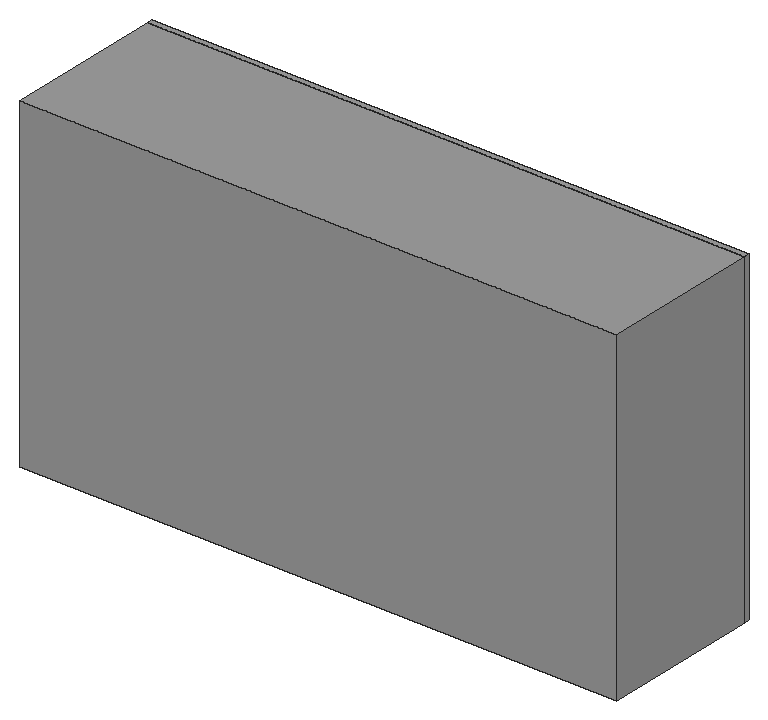
Revit family "Kubus M LED 1-s Sentr (skrått 45 grader ned mot høyre_veggmontasje)", category Lighting Fixtures, Revit 2013
Parameters (values of type "23m")
  Width = 70 mm
  Wattage Comments = "17 W"
  Wattage = 9.2903 W
  built-in parameter 1150110 = 1 (stored number, unit not read)
  Voltage = 230 V
  URL = ""
  built-in parameter 1114217 = 1 (stored number, unit not read)
  Tilt Angle = 90.00°
  built-in parameter 1150109 = 1 (stored number, unit not read)
  built-in parameter 1150134 = 3
  Symbol Positive Direction [instance] = yes
  Symbol Offset Side [instance] = 0 mm
  Symbol Offset Out [instance] = 0 mm
  built-in parameter 1150113 = 1 (stored number, unit not read)
  Reference Line Out [instance] = 50 mm
  Photometric Web File = "20x42A12.ies"
  Number of Poles = 1
  built-in parameter 1150105 = 109.82 (stored number, unit not read)
  Lumens = 1380 lm
  built-in parameter 1150115 = 1 (stored number, unit not read)
  Load Classification [instance] = Other
  Model = ""
  Manufacturer = ""
  built-in parameter 1150137 = (empty or 0)
  built-in parameter 1150139 = (empty or 0)
  Length 1 = Length - 30 mm  # 225 mm
  Length = 255 mm
  built-in parameter 1150112 = 1 (stored number, unit not read)
  built-in parameter 1150114 = 1 (stored number, unit not read)
  Lamp = "1"
  built-in parameter 1150132 = (empty or 0)
  built-in parameter 1150102 = (empty or 0)
  built-in parameter 1150107 = 3200 (stored number, unit not read)
  built-in parameter 1150138 = (empty or 0)
  built-in parameter 1150106 = 1.0982 (stored number, unit not read)
  Height 1 = Height - 30 mm  # 110 mm
  Height = 140 mm
  Emit from Rectangle Width = Height  # 140 mm
  Emit from Rectangle Length = Length  # 255 mm
  Emit Shape Visible in Rendering = no
  built-in parameter 1150104 = 13.8 (stored number, unit not read)
  Dimming Lamp Color Temperature Shift = <None>
  Description = ""
  Color Filter = 16777215
  Body Material and Colour = Default
  built-in parameter 1114218 = 1 (stored number, unit not read)
  built-in parameter 1150133 = 10 (stored number, unit not read)
  Assembly Code = ""
  Apparent Load = 17 VA
  60m = no
  35m = no
  23m = yes
Types (3, lengths in mm): name | Reference Line Out | Length 1 | Length | Height 1 | Height | Emit from Rectangle Width | Emit from Rectangle Length | 60m | 35m | 23m
  23m | 50 | 225 | 255 | 110 | 140 | 140 | 255 | no | no | yes
  35m | 291.501 | 346 | 376 | 170 | 200 | 200 | 376 | no | yes | no
  60m | 50 | 575 | 605 | 285 | 315 | 315 | 605 | yes | no | no
Reference planes
  plane 1 "Light Source Axis (F/B)": y = 119.961
  plane 2 "Top": z = 83
  plane 3 "Light Source Axis (L/R)": x = 0
  plane 4 "Level": z = 0
  plane 5 "Bottom": z = -140
  plane 6: x = -127.5
  plane 7: x = 127.5
  plane 8: y = 187.961
  plane 9: y = 189.961
  plane 10: z = -15
  plane 11: x = -112.5
  plane 12: x = 112.5
  plane 13: z = -70
  plane 14: z = -125
Forms (mm)
  Extrusion 1, solid, material "Default" <- "Body Material and Colour"
    sketch origin (0, 119.961, 0) x (1, 0, 0) y (0, 0, 1)
      loop
        line (-127.5, 0) -> (-127.5, -140) -> (127.5, -140) -> (127.5, 0) -> (-127.5, 0)
    from 0 to -68
  Extrusion 2, solid, material "Default" <- "Body Material and Colour"
    sketch origin (0, 119.961, 0) x (1, 0, 0) y (0, 0, 1)
      loop
        line (-127.5, 0) -> (-127.5, -140) -> (127.5, -140) -> (127.5, 0) -> (-127.5, 0)
      loop
        line (-112.5, -15) -> (-112.5, -125) -> (112.5, -125) -> (112.5, -15) -> (-112.5, -15)
    from -70 to -68
Lines and regions (mm)
  model lines, style "InvisibleLines"
    curve 1: line (0, 119.961, 0) -> (0, 169.961, 0)
Dimensions and locks
  equal spacing: plane 6, plane 3 "Light Source Axis (L/R)", plane 7
  "Length": plane 6 to plane 7
  plane 8 to plane 1 "Light Source Axis (F/B)" = 68 mm
  locked: plane 9 to plane 8 at 2
  equal spacing: plane 4 "Level", plane 13, plane 5 "Bottom"
  "Height": plane 4 "Level" to plane 5 "Bottom"
  equal spacing: plane 11, plane 3 "Light Source Axis (L/R)", plane 12
  "Length 1": plane 11 to plane 12
  equal spacing: plane 10, plane 13, plane 14
  "Height 1": plane 10 to plane 14
  "Width": plane 1 "Light Source Axis (F/B)" to plane 9
  "Reference Line Out": plane 1 "Light Source Axis (F/B)" to curve 1
  aligned and locked: plane 4 "Level" to level
  aligned and locked: plane 8 to nested 2
  aligned and locked: nested 2 to plane 13
  aligned and locked: plane 3 "Light Source Axis (L/R)" to nested 3
  aligned and locked: plane 1 "Light Source Axis (F/B)" to nested 3
  aligned and locked: plane 8 to nested 1
  aligned and locked: plane 4 "Level" to Extrusion 1 sketch curve
  aligned and locked: plane 6 to Extrusion 1 sketch curve
  aligned and locked: plane 5 "Bottom" to Extrusion 1 sketch curve
  aligned and locked: Extrusion 1 sketch curve to plane 7
  aligned and locked: Extrusion 1 to plane 8
  aligned and locked: plane 1 "Light Source Axis (F/B)" to Extrusion 1
  aligned and locked: plane 4 "Level" to Extrusion 2 sketch curve
  aligned and locked: Extrusion 2 sketch curve to plane 7
  aligned and locked: plane 5 "Bottom" to Extrusion 2 sketch curve
  aligned and locked: plane 6 to Extrusion 2 sketch curve
  aligned and locked: Extrusion 2 sketch curve to plane 10
  aligned and locked: plane 11 to Extrusion 2 sketch curve
  aligned and locked: plane 14 to Extrusion 2 sketch curve
  aligned and locked: Extrusion 2 sketch curve to plane 12
  aligned and locked: plane 8 to Extrusion 2
  aligned and locked: Extrusion 2 to plane 9
  aligned and locked: nested 1 to plane 13
  aligned and locked: plane 13 to nested 4
  aligned and locked: plane 3 "Light Source Axis (L/R)" to nested 4
  aligned and locked: plane 8 to nested 4
  aligned and locked: imposter light to plane 9
  aligned and locked: plane 13 to imposter light
  aligned and locked: plane 1 "Light Source Axis (F/B)" to curve 1
  aligned and locked: plane 3 "Light Source Axis (L/R)" to curve 1
Nested families
  nested 1: "23m_skrått 45 grader ned mot høyre" at (0, 187.961, -70), visible <- "23m", type "23m"
  nested 2: "35m_skrått 45 grader ned mot høyre" at (0, 187.961, -70), visible <- "35m", type "35m"
  nested 3: "MarkeringslysS" at (0, 119.961, 0), type "Type 1"
  nested 4: "60m_skrått 45 grader ned mot høyre" at (0, 189.961, -70), visible <- "60m", type "60m"
Connectors
  electrical at (0, 119.961, 0), driven by "Number of Poles", driven by "Load Classification", driven by "Voltage", driven by "Apparent Load"
    settings: index 1, voltage 230 V, apparent load 0 VA, apparent load phase1 17 VA, apparent load phase2 0 VA, apparent load phase3 0 VA, power factor 1, load classification "Other", number of poles 1, system type 31, power factor state 1, is connector primary yes, connector utility no, sub classification motor no, connector description ""
Definition of nested family "23m_skrått 45 grader ned mot høyre"
  Parameters (values of type "23m")
    Material = yes
    L = 205 mm
    H = 135 mm
  Reference planes
    plane 1 "Center (Front/Back)": y = 0
    plane 2: z = 0
    plane 3 "Center (Left/Right)": x = 0
    plane 4: y = -2
  Forms (mm)
    Extrusion 1, solid, material "Green", visible <- "Material"
      sketch origin (453.48, 0, -265.275) x (1, 0, 0) y (0, 0, 1)
        loop
          line (-565.98, 320.275) -> (-565.98, 210.275) -> (-340.98, 210.275) -> (-340.98, 320.275) -> (-565.98, 320.275)
        loop
          circle (-432.193, 303.483) r 7
        loop
          line (-426.459, 291.17) -> (-430.11, 287.519) -> (-426.017, 280.43) -> (-437.639, 270.677)
          arc (-437.639, 270.677) -> (-438.324, 269.361) -> (-437.878, 267.946) r 1.939
          line (-437.878, 267.946) -> (-436.216, 265.965)
          arc (-436.216, 265.965) -> (-434.9, 265.28) -> (-433.485, 265.726) r 1.939
          line (-433.485, 265.726) -> (-422.735, 274.746) -> (-417.813, 266.22) -> (-429.103, 256.746) -> (-429.103, 225.892)
          arc (-429.103, 225.892) -> (-428.157, 223.607) -> (-425.872, 222.661) r 3.232
          line (-425.872, 222.661) -> (-422.64, 222.661)
          arc (-422.64, 222.661) -> (-420.355, 223.607) -> (-419.409, 225.892) r 3.232
          line (-419.409, 225.892) -> (-419.409, 252.226) -> (-412.891, 257.695) -> (-407.727, 248.752) -> (-374.165, 248.752)
          arc (-374.165, 248.752) -> (-371.88, 249.699) -> (-370.934, 251.984) r 3.232
          line (-370.934, 251.984) -> (-370.934, 255.215)
          arc (-370.934, 255.215) -> (-371.88, 257.5) -> (-374.165, 258.447) r 3.232
          line (-374.165, 258.447) -> (-390.935, 258.447) -> (-407.211, 286.638) -> (-390.394, 283.363) -> (-384.337, 272.872)
          arc (-384.337, 272.872) -> (-383.11, 271.956) -> (-381.602, 272.215) r 1.939
          line (-381.602, 272.215) -> (-379.363, 273.669)
          arc (-379.363, 273.669) -> (-378.522, 274.892) -> (-378.792, 276.351) r 1.939
          line (-378.792, 276.351) -> (-387.221, 289.33) -> (-420.848, 295.878) -> (-426.459, 291.17)
        loop
          line (-535.365, 265.669) -> (-535.365, 235.027) -> (-504.723, 235.027) -> (-495.531, 244.22) -> (-516.98, 244.22) -> (-471.607, 289.593) -> (-480.8, 298.785) -> (-526.172, 253.412) -> (-526.172, 274.861) -> (-535.365, 265.669)
      from 0 to 2
  Dimensions and locks
    Extrusion 1 sketch curve to plane 3 "Center (Left/Right)" to Extrusion 1 sketch curve = 112.5 mm, 112.5 mm
    aligned and locked: level to plane 2
Definition of nested family "35m_skrått 45 grader ned mot høyre"
  Parameters (values of type "35m")
    Material = yes
    L = 425.577 mm
    H = 260 mm
  Reference planes
    plane 1 "Center (Front/Back)": y = 0
    plane 2: z = 0
    plane 3 "Center (Left/Right)": x = 0
    plane 4: y = -2
  Forms (mm)
    Extrusion 1, solid, material "Green", visible <- "Material"
      sketch origin (0, 0, 0) x (1, 0, 0) y (0, 0, 1)
        loop
          line (-173, 85) -> (-173, -85) -> (173, -85) -> (173, 85) -> (-173, 85)
        loop
          circle (41.697, 48.678) r 8.988
        loop
          line (49.059, 32.868) -> (44.372, 28.181) -> (49.627, 19.078) -> (34.704, 6.556)
          arc (34.704, 6.556) -> (33.824, 4.865) -> (34.397, 3.048) r 2.49
          line (34.397, 3.048) -> (36.531, 0.505)
          arc (36.531, 0.505) -> (38.221, -0.375) -> (40.038, 0.198) r 2.49
          line (40.038, 0.198) -> (53.841, 11.78) -> (60.161, 0.833) -> (45.664, -11.332) -> (45.664, -50.949)
          arc (45.664, -50.949) -> (46.879, -53.883) -> (49.813, -55.098) r 4.149
          line (49.813, -55.098) -> (53.963, -55.098)
          arc (53.963, -55.098) -> (56.897, -53.883) -> (58.112, -50.949) r 4.149
          line (58.112, -50.949) -> (58.112, -17.137) -> (66.481, -10.114) -> (73.111, -21.597) -> (116.205, -21.597)
          arc (116.205, -21.597) -> (119.139, -20.381) -> (120.355, -17.447) r 4.149
          line (120.355, -17.447) -> (120.355, -13.298)
          arc (120.355, -13.298) -> (119.139, -10.364) -> (116.205, -9.148) r 4.149
          line (116.205, -9.148) -> (94.672, -9.148) -> (73.774, 27.049) -> (95.367, 22.844) -> (103.145, 9.373)
          arc (103.145, 9.373) -> (104.72, 8.197) -> (106.657, 8.53) r 2.49
          line (106.657, 8.53) -> (109.532, 10.397)
          arc (109.532, 10.397) -> (110.611, 11.967) -> (110.264, 13.841) r 2.49
          line (110.264, 13.841) -> (99.442, 30.506) -> (56.264, 38.913) -> (49.059, 32.868)
        loop
          line (-78.977, -50.103) -> (-61.425, -32.551) -> (-102.695, -32.551) -> (-28.974, 41.17) -> (-46.652, 58.847) -> (-120.561, -15.061) -> (-120.561, 26.585) -> (-138.113, 9.033) -> (-138.113, -50.103) -> (-78.977, -50.103)
      from 0 to 2
  Dimensions and locks
    aligned and locked: level to plane 2
    aligned and locked: plane 4 to Extrusion 1
    aligned and locked: Extrusion 1 to plane 1 "Center (Front/Back)"
    aligned and locked: Extrusion 1 to plane 4
Definition of nested family "60m_skrått 45 grader ned mot høyre"
  Parameters (values of type "60m")
    Material = yes
    L = 425.577 mm
    H = 260 mm
  Reference planes
    plane 1 "Center (Front/Back)": y = 0
    plane 2: z = 0
    plane 3 "Center (Left/Right)": x = 0
    plane 4: y = -2
  Forms (mm)
    Extrusion 1, solid, material "Green", visible <- "Material"
      sketch origin (0, 0, 0) x (1, 0, 0) y (0, 0, 1)
        loop
          line (-287.5, 142.5) -> (-287.5, -142.5) -> (287.5, -142.5) -> (287.5, 142.5) -> (-287.5, 142.5)
        loop
          circle (89.224, 88.058) r 17.538
        loop
          line (103.589, 57.208) -> (94.443, 48.062) -> (104.697, 30.3) -> (75.578, 5.866)
          arc (75.578, 5.866) -> (73.861, 2.568) -> (74.979, -0.978) r 4.858
          line (74.979, -0.978) -> (79.143, -5.94)
          arc (79.143, -5.94) -> (82.441, -7.657) -> (85.987, -6.539) r 4.858
          line (85.987, -6.539) -> (112.919, 16.06) -> (125.251, -5.3) -> (96.964, -29.037) -> (96.964, -106.339)
          arc (96.964, -106.339) -> (99.335, -112.064) -> (105.06, -114.436) r 8.097
          line (105.06, -114.436) -> (113.157, -114.436)
          arc (113.157, -114.436) -> (118.882, -112.064) -> (121.254, -106.339) r 8.097
          line (121.254, -106.339) -> (121.254, -40.363) -> (137.584, -26.66) -> (150.52, -49.066) -> (234.607, -49.066)
          arc (234.607, -49.066) -> (240.332, -46.695) -> (242.704, -40.969) r 8.097
          line (242.704, -40.969) -> (242.704, -32.873)
          arc (242.704, -32.873) -> (240.332, -27.148) -> (234.607, -24.776) r 8.097
          line (234.607, -24.776) -> (192.591, -24.776) -> (151.813, 45.854) -> (193.947, 37.65) -> (209.123, 11.364)
          arc (209.123, 11.364) -> (212.196, 9.069) -> (215.976, 9.718) r 4.858
          line (215.976, 9.718) -> (221.586, 13.362)
          arc (221.586, 13.362) -> (223.692, 16.426) -> (223.014, 20.082) r 4.858
          line (223.014, 20.082) -> (201.898, 52.599) -> (117.647, 69.004) -> (103.589, 57.208)
        loop
          line (-221.325, 13.98) -> (-221.325, -82.263) -> (-125.082, -82.263) -> (-96.209, -53.39) -> (-163.579, -53.39) -> (-43.275, 66.914) -> (-72.148, 95.787) -> (-192.452, -24.517) -> (-192.452, 42.853) -> (-221.325, 13.98)
      from 0 to 2
  Dimensions and locks
    aligned and locked: level to plane 2
    aligned and locked: Extrusion 1 to plane 4  (x2)
    aligned and locked: Extrusion 1 to plane 1 "Center (Front/Back)"
Definition of nested family "MarkeringslysS"
  Parameters (values of type "Type 1")
    CQ Symbol Positive Direction = yes
    CQ Symbol Negative Direction = not(CQ Symbol Positive Direction)  # no
    CQ Symbol Offset Side = 0 mm
    CQ Symbol Offset Out = 0 mm
  Reference planes
    plane 1: y = 0
    plane 2: x = 0
  Dimensions and locks
    "CQ Symbol Offset Out": plane 1 to nested 1
    "CQ Symbol Offset Out": plane 1 to nested 2
    "CQ Symbol Offset Side": plane 2 to nested 2
    "CQ Symbol Offset Side": nested 1 to plane 2
  Nested families
    nested 1: "LedelysSub" at (0, 0, 0), visible <- "CQ Symbol Negative Direction", type "Type 1"
    nested 2: "LedelysSub" at (0, 0, 0), visible <- "CQ Symbol Positive Direction", type "Type 1"
  Definition of nested family "LedelysSub"
    Reference planes
      plane 1: y = 0
      plane 2: x = 0
    Lines and regions (mm)
      Filled region 1, type "Filled region 1"
        outline origin (64.576, 53.459, 0) x (1, 0, 0) y (0, 1, 0)
          loop
            arc (-65.575, -52.307) -> (-65.224, -51.459) -> (-65.575, -50.61) r 1.2
            line (-65.575, -50.61) -> (-66.424, -51.459) -> (-65.575, -52.307)
      Filled region 2, type "Filled region 1"
        outline origin (-68.271, 53.459, 0) x (0, 1, 0) y (-1, 0, 0)
          loop
            line (-52.307, -65.575) -> (-51.459, -66.424) -> (-50.61, -65.575)
            arc (-50.61, -65.575) -> (-51.459, -65.224) -> (-52.307, -65.575) r 1.2
      detail lines
        curve 1: line (-4, 0, 0) -> (4, 0, 0)
        curve 2: line (4, 0, 0) -> (4, 4, 0)
        curve 3: line (4, 4, 0) -> (-4, 4, 0)
        curve 4: line (-4, 4, 0) -> (-4, 0, 0)
        curve 5: line (-3.097, 0.75, 0) -> (-0.597, 3.25, 0)
        curve 6: line (-3.097, 3.25, 0) -> (-0.597, 0.75, 0)
        curve 7: circle (-1.847, 2, 0) r 1.2 normal (0, 0, 1)
    Text (mm)
      text "ML" at (2.179, 3.025, 0)
    Dimensions and locks
      aligned and locked: Filled region 1 sketch curve to curve 7
